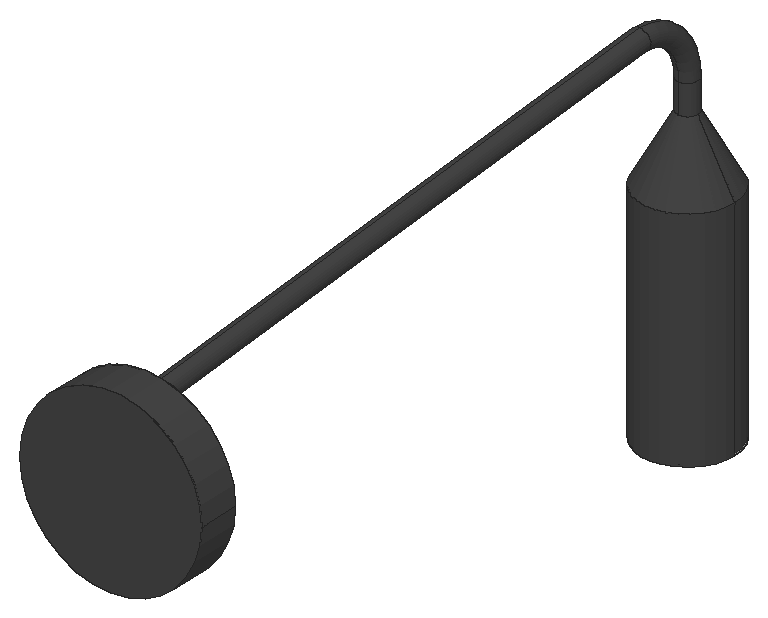
Revit family "Platek_Flamingo_Applique", category Apparecchi per illuminazione, Revit 2017
Family settings
  Quota connettore circolare = Usa diametro
  Tipo di parte = Normale
  Basato su piano di lavoro = No
  Sempre verticale = Sì
  Taglio con vuoti quando caricato = No
  Sorgente d'illuminazione = Sì
  Condiviso = No
  Punto di calcolo locali = No
Parameters (values of type "3010116_9W_LED_3000K")
  Wattage = 2.59186 W
  Variazione temperatura colore lampada con luminosità attenuata = <Nessuno>
  URL = "www.platek.eu"
  built-in parameter 1150107 = 3000 (stored number, unit not read)
  Supply Voltage Min = 220 V
  Supply Voltage Max = 240 V
  Supply Voltage = 230 V
  Rendi la forma visibile nel rendering = no
  Produttore = "PLATEK SRL"  # constant formula
  Product Page URL = "http://www.platek.eu/ita/catalogo.php?cid=200066"
  Product Documentation Link = "http://www.platek.eu/ita/catalogo.php?cid=200066"
  Product Dimension = "L370mmxH225mm"
  Power Supply Unit = "Included"
  built-in parameter 1150110 = 1 (stored number, unit not read)
  built-in parameter 1150109 = 1 (stored number, unit not read)
  built-in parameter 1114218 = 1 (stored number, unit not read)
  built-in parameter 1150112 = 1 (stored number, unit not read)
  PLATEK Article Code = "3010116"
  Nota chiave = "Other LED colors available on request"
  Mounting Type = "Wall"
  Modello = "Flamingo Applique"  # constant formula
  built-in parameter 1150137 = (empty or 0)
  built-in parameter 1150132 = 2
  Manufacturer Comment = "IP68 connector included"
  Luminaire Wattage = 9 W
  Luminaire Luminous Intensity = 259 cd
  Luminaire Luminous Flux = 385 lm
  Light Source = PLK_Light Source
  Lampada = "LED"
  LED Protection = "Surge protection included"
  built-in parameter 1150105 = 261.05 (stored number, unit not read)
  built-in parameter 1150102 = (empty or 0)
  Insulation Class = "1"
  Immagine tipo = flamingo_applique.jpg
  built-in parameter 1150106 = 2.6105 (stored number, unit not read)
  IP Rating = "IP65"
  IK Rating = "IK 06"
  Frequency = "50/60 Hz"
  Lumens = 385 lm
  Color Filter = 16777215
  File diagramma fotometrico = "3010116.IES"
  built-in parameter 1114217 = 1 (stored number, unit not read)
  built-in parameter 1150139 = (empty or 0)
  Energy Efficiency Rating = "A/A+/A++"
  Emetti da diametro cerchio = 50.0 mm  # constant formula
  built-in parameter 1150104 = 13.8 (stored number, unit not read)
  built-in parameter 1150115 = 1 (stored number, unit not read)
  built-in parameter 1150114 = 1 (stored number, unit not read)
  built-in parameter 1150113 = 1 (stored number, unit not read)
  Dimmable = "No"
  Diffuse Type = "Polycarbonate"
  Descrizione = "Outdoor Lighting, Wall mounted"
  Commenti sul tipo = "Facades"
  Colour Temperature = 3000 K
  built-in parameter 1150134 = (empty or 0)
  built-in parameter 1150138 = (empty or 0)
  Codice assieme = "3010116.01(Black); 3010116.09(Bronze)"
  Apparent Load = 0 VA
  Cable Lenght = "0,15 (2x1 mm²)"
  CRI = ">80"
  Body = PLK_Black
  Beam Angle = 76.00°
  Tilt Angle = 90.00°
  built-in parameter 1150133 = 10 (stored number, unit not read)
Reference planes
  plane 1 "Centro (Fronte/Retro)": y = 0
  plane 2: z = 0
  plane 3 "Centro (Sinistra/Destra)": x = 0
  plane 4: y = 342.49
  plane 5: z = 12.092
  plane 6: z = -127.186
  plane 7: z = 59.535
Forms (mm)
  Sweep 1, solid, material "PLK_Black" <- "Body", detail levels medium+fine
    path origin (15.937, -75, 2045.98) x (-0.000233, 0, 1) y (0, 1, 0)
      loop
        line (-2033.885, 417.5) -> (-2019.726, 417.5)
        arc (-2019.726, 417.5) -> (-1999.726, 409.216) -> (-1991.442, 389.216) r 28.284
        line (-1991.442, 389.216) -> (-2017.182, 95)
    profile origin (16.41, 342.5, 19.175) x (0, 1, 0) y (-1, 0, -0.000233)
      loop
        circle (0, 16.415) r 5
  Extrusion 2, solid, material "PLK_Black" <- "Body", detail levels medium+fine
    sketch origin (476.033, 0, 0) x (-1, 0, 0) y (0, 0, 1)
      loop
        circle (476, 0) r 43
    from 0 to 20
  Blend 3, solid, material "PLK_Black" <- "Body", detail levels medium+fine
    base sketch origin (2000.033, 20, 0) x (1, 0, 0) y (0, 0, 1)
      loop
        circle (-2000, 0) r 43
    top sketch origin (2000.033, 20, 0) x (1, 0, 0) y (0, 0, 1)
      loop
        circle (-2000, 28.75) r 5
    from 0 to -10
  Extrusion 4, solid, material "PLK_Light Source" <- "Light Source"
    sketch origin (0, 0, -127.186) x (-1, 0, 0) y (0, -1, 0)
      loop
        circle (0, -342.49) r 22.5
    from 0 to 1
  Extrusion 5, solid, material "PLK_Black" <- "Body", detail levels coarse
    sketch origin (0, 0, -40) x (-1, 0, 0) y (0, -1, 0)
      loop
        line (42.967, 0) -> (-43.036, 0) -> (-43.036, -364.99) -> (42.967, -364.99) -> (42.967, 0)
    from -87.186 to 99.535
Dimensions and locks
  aligned and locked: level to plane 2
  aligned and locked: imposter light to plane 4
  aligned and locked: plane 3 "Centro (Sinistra/Destra)" to imposter light
  aligned and locked: imposter light to Extrusion 4  (x4)
  aligned and locked: plane 1 "Centro (Fronte/Retro)" to Extrusion 2
  aligned and locked: Extrusion 2 to Blend 3
  aligned and locked: plane 5 to Sweep 1
  aligned and locked: Sweep 1 to plane 5
  aligned and locked: Sweep 1 to Sweep 1
  aligned and locked: Extrusion 4 to plane 6
  aligned and locked: nested 1 to plane 4
  aligned and locked: plane 6 to imposter light
  aligned and locked: plane 6 to Extrusion 4  (x3)
  aligned and locked: nested 1 to Extrusion 4
  aligned and locked: Extrusion 5 to imposter light
  aligned and locked: plane 7 to Extrusion 5
Nested families
  nested 1: "PLK_FLAMINGO 2" at (0, 342.49, -127.186), type "PLK_FLAMINGO 2"
Connectors
  electrical at (0.033, 0, 0)
    settings: on Extrusion 2, index 1, voltage 0 V, apparent load 0 VA, apparent load phase1 0 VA, apparent load phase2 0 VA, apparent load phase3 0 VA, power factor 1, load classification "Autre", number of poles 1, system type 31, power factor state 1, is connector primary yes, connector utility no, sub classification motor no, connector description ""
Definition of nested family "PLK_FLAMINGO 2"
  Parameters (values of type "PLK_FLAMINGO 2")
    Manufacturer = "PLATEK SRL"  # constant formula
    Mat_Piatto = none
    Mat = none
    Body = none
  Reference planes
    plane 1 "Centro (Fronte/Retro)": y = 0
    plane 2: z = 0
    plane 3 "Centro (Sinistra/Destra)": x = 0
    plane 4: z = 139.302
    plane 5: z = 0
    plane 6: x = 0
    plane 7: through (-4.963, -1524, 139.302) normal (0.8754, 0, -0.4834)
  Forms (mm)
    Extrusion 1, solid, material <- "Body", detail levels coarse+medium
      sketch origin (0, 0, 0) x (1, 0, 0) y (0, 1, 0)
        loop
          circle (0, 0) r 22.5
      from 0 to 139.302
    Revolve 2, solid, material <- "Body"
      sketch origin (226.469, 0, -1708.668) x (0.990267, 0, 0.139183) y (-0.139183, 0, 0.990267)
        loop
          line (33.039, 1862.195) -> (28.028, 1862.195) -> (6.241, 1833.184) -> (-8.727, 1726.689) -> (-3.776, 1725.993) -> (-3.08, 1730.944) -> (14.249, 1728.509) -> (33.039, 1862.195)
        axis (33.039, 1862.195) -> (13.553, 1723.558)
      angle from 0 to 360
  Dimensions and locks
    aligned and locked: level to plane 2
    aligned and locked: Extrusion 1 to level
    aligned and locked: plane 5 to plane 2
    aligned and locked: plane 5 to Extrusion 1
    aligned and locked: plane 4 to Extrusion 1
    aligned and locked: Revolve 2 sketch curve to plane 6
    aligned and locked: plane 7 to Revolve 2 sketch curve
